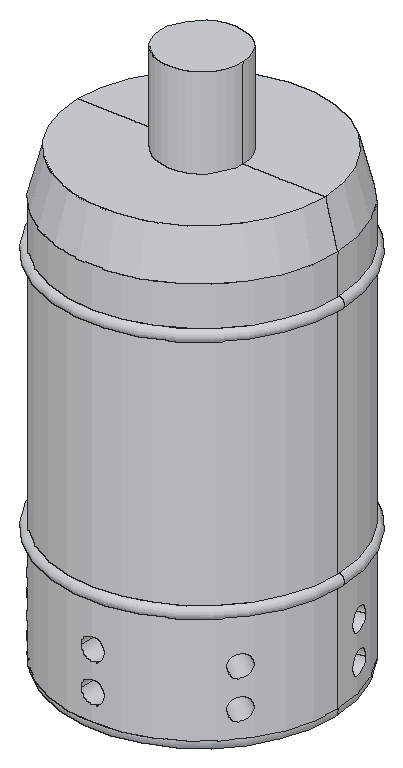
Revit family "13907c2073684a24b04122011ce1fde8", category Mechanical Equipment, Revit 2021
Family settings
  Round Connector Dimension = Use Radius
  Classification = Pump
  Part Type = Normal
  OmniClass Number = 23.60.30.21
  OmniClass Title = Pumps
  Work Plane-Based = No
  Always vertical = Yes
  Cut with Voids When Loaded = No
  Shared = No
  Room Calculation Point = No
Parameters (values of type "40 GPM - 5 Foot Head")
  Voltage [instance] = 115 V
  Symbol Radius = Diameter / 2  # 3 1/8"
  Pump Material = none
  Number of Poles [instance] = 1
  Load Classification = Appliance - Dwelling Unit
  Length 3 = if(Discharge Nominal Diameter < 4", 2", 4")  # 2"
  Length 2 = 0"  # constant formula
  Length 1 = 1"
  Height = 12 1/4"
  Flow [instance] = 40 GPM
  Discharge Nominal Radius = 5/8"
  Discharge Nominal Diameter = Discharge Nominal Radius * 2  # 1 1/4"
  Discharge Body Radius = Discharge Nominal Radius * 1.05 + 1/4"  # 29/32"
  Default Elevation = 0"
  Base Height = Height / 6 + 1/2"  # 2.54167"
  Diameter = 6 1/4"
  Apparent Load [instance] = 0 VA
Reference planes (in)
  plane 1 "Center (Front/Back)": y = 0
  plane 2: z = 0
  plane 3 "Center (Left/Right)": x = 0
  plane 4: z = 12.25
  plane 5: z = 2.54167
  plane 6: x = -3.125
  plane 7: x = 3.125
  plane 8: z = 10.25
  plane 9: z = 2.79167
  plane 10: x = -3
  plane 11: z = 9.25
  plane 12: y = 0
  plane 13: y = 2
  plane 14: z = 1.69444
  plane 15: z = 0.84722
  plane 16: z = 8.25
Forms (in)
  Revolve 1, solid, material <- "Pump Material"
    sketch origin (0, 0, 0) x (1, 0, 0) y (0, 0, 1)
      loop
        line (0, 0) -> (0, 10.25) -> (-2.73205, 10.25) -> (-3, 9.25) -> (-3, 8.375)
        arc (-3, 8.375) -> (-3.125, 8.25) -> (-3, 8.125) r 0.125
        line (-3, 8.125) -> (-3, 2.91667)
        arc (-3, 2.91667) -> (-3.125, 2.79167) -> (-3, 2.66667) r 0.125
        line (-3, 2.66667) -> (-3, 0.25)
        arc (-3, 0.25) -> (-2.92678, 0.07322) -> (-2.75, 0) r 0.25
        line (-2.75, 0) -> (0, 0)
      axis (0, 10.25) -> (0, 0)
    angle from 0 to 360
  Extrusion 2, solid, material <- "Pump Material"
    sketch origin (0, 0, 0) x (1, 0, 0) y (0, 1, 0)
      loop
        circle (0, 0) r 0.90625
    from 10.25 to 12.25
  Extrusion 3, void
    sketch origin (0, 0, 0) x (1, 0, 0) y (0, 0, 1)
      loop
        circle (0, 1.69444) r 0.25
      loop
        circle (0, 0.84722) r 0.25
    from 0.625 <- "Discharge Nominal Radius" to 6.25 <- "Diameter"
  Extrusion 4, void
    sketch origin (0, 0, 0) x (0.62349, -0.781831, 0) y (0, 0, 1)
      loop
        circle (0, 1.69444) r 0.25
      loop
        circle (0, 0.84722) r 0.25
    from 0.625 <- "Discharge Nominal Radius" to 6.25 <- "Diameter"
  Extrusion 5, void
    sketch origin (0, 0, 0) x (0.62349, 0.781831, 0) y (0, 0, 1)
      loop
        circle (0, 1.69444) r 0.25
      loop
        circle (0, 0.84722) r 0.25
    from 0.625 <- "Discharge Nominal Radius" to 6.25 <- "Diameter"
  Extrusion 6, void
    sketch origin (0, 0, 0) x (-0.222521, 0.974928, 0) y (0, 0, 1)
      loop
        circle (0, 1.69444) r 0.25
      loop
        circle (0, 0.84722) r 0.25
    from 0.625 <- "Discharge Nominal Radius" to 6.25 <- "Diameter"
  Extrusion 7, void
    sketch origin (0, 0, 0) x (-0.900969, 0.433884, 0) y (0, 0, 1)
      loop
        circle (0, 1.69444) r 0.25
      loop
        circle (0, 0.84722) r 0.25
    from 0.625 <- "Discharge Nominal Radius" to 6.25 <- "Diameter"
  Extrusion 8, void
    sketch origin (0, 0, 0) x (-0.900969, -0.433884, 0) y (0, 0, 1)
      loop
        circle (0, 1.69444) r 0.25
      loop
        circle (0, 0.84722) r 0.25
    from 0.625 <- "Discharge Nominal Radius" to 6.25 <- "Diameter"
  Extrusion 9, void
    sketch origin (0, 0, 0) x (-0.222521, -0.974928, 0) y (0, 0, 1)
      loop
        circle (0, 1.69444) r 0.25
      loop
        circle (0, 0.84722) r 0.25
    from 0.625 <- "Discharge Nominal Radius" to 6.25 <- "Diameter"
Cuts and joins
  Extrusion 3, Extrusion 4, Extrusion 5, Extrusion 6, Extrusion 7, Extrusion 8, Extrusion 9 cuts Revolve 1
Lines and regions (in)
  Masking region 1, detail levels fine
    outline origin (0, 0, 0) x (1, 0, 0) y (0, 1, 0)
      loop
        circle (0, 0) r 3.125
  symbolic lines, detail levels fine
    curve 1: circle (0, 0, 0) r 0.90625 normal (0, 0, 1)
    curve 2: circle (0, 0, 0) r 0.625 normal (0, 0, 1)
Dimensions and locks (in)
  "Height": plane 4 to level
  "Base Height": plane 5 to level
  equal spacing: plane 7, plane 3 "Center (Left/Right)", plane 6
  "Diameter": plane 7 to plane 6
  locked: plane 9 to plane 5 at 0.25
  "Length 1": plane 8 to plane 11
  "Length 2": plane 1 "Center (Front/Back)" to plane 12
  locked: plane 13 to plane 1 "Center (Front/Back)" at 2
  equal spacing: plane 5, plane 14, plane 15, level
  locked: plane 10 to plane 6 at 0.125
  locked: plane 11 to plane 16 at 1
  "Length 3": plane 4 to plane 8
  "Discharge Body Radius": radius of Extrusion 2 sketch curve
  "Symbol Radius": radius of Masking region 1 sketch curve
  "Discharge Nominal Radius": radius of curve 2
  locked: Revolve 1 sketch curve to Revolve 1 sketch curve (angle 165.00°)
  aligned and locked: Revolve 1 sketch curve to plane 3 "Center (Left/Right)"
  aligned and locked: plane 10 to Revolve 1 sketch curve
  aligned and locked: plane 9 to Revolve 1 sketch curve
  aligned and locked: level to Revolve 1 sketch curve
  aligned and locked: Revolve 1 sketch curve to Revolve 1 sketch curve
  aligned and locked: plane 11 to Revolve 1 sketch curve
  aligned and locked: plane 8 to Revolve 1 sketch curve
  aligned and locked: plane 3 "Center (Left/Right)" to Extrusion 2 sketch curve
  aligned and locked: plane 12 to Extrusion 2 sketch curve
  aligned and locked: Extrusion 2 to plane 8
  aligned and locked: plane 3 "Center (Left/Right)" to Masking region 1 sketch curve
  aligned and locked: plane 1 "Center (Front/Back)" to Masking region 1 sketch curve
  aligned and locked: curve 1 to Extrusion 2
  aligned and locked: plane 3 "Center (Left/Right)" to curve 2
  aligned and locked: plane 12 to curve 2
  aligned and locked: plane 16 to Revolve 1 sketch curve
  aligned and locked: plane 4 to Extrusion 2
  aligned and locked: plane 14 to Extrusion 3 sketch curve
  aligned and locked: plane 15 to Extrusion 3 sketch curve
  aligned and locked: plane 3 "Center (Left/Right)" to Extrusion 3 sketch curve  (x2)
  aligned and locked: plane 14 to Extrusion 4 sketch curve
  aligned and locked: plane 15 to Extrusion 4 sketch curve
  aligned and locked: plane 15 to Extrusion 9 sketch curve
  aligned and locked: plane 14 to Extrusion 9 sketch curve
  aligned and locked: plane 14 to Extrusion 5 sketch curve
  aligned and locked: plane 15 to Extrusion 5 sketch curve
  aligned and locked: plane 14 to Extrusion 6 sketch curve
  aligned and locked: plane 15 to Extrusion 6 sketch curve
  aligned and locked: plane 14 to Extrusion 7 sketch curve
  aligned and locked: plane 15 to Extrusion 7 sketch curve
  aligned and locked: plane 14 to Extrusion 8 sketch curve
  aligned and locked: plane 15 to Extrusion 8 sketch curve
Automatic sketch dimensions
  Extrusion 4 sketch curve to Extrusion 4 sketch curve = 0"
  Extrusion 5 sketch curve to Extrusion 5 sketch curve = 0"
  Extrusion 6 sketch curve to Extrusion 6 sketch curve = 0"
  Extrusion 7 sketch curve to Extrusion 7 sketch curve = 0"
  Extrusion 8 sketch curve to Extrusion 8 sketch curve = 0"
  Extrusion 9 sketch curve to Extrusion 9 sketch curve = 0"
  Revolve 1 sketch curve to Revolve 1 sketch curve = 1/4"
  Revolve 1 sketch curve to Revolve 1 sketch curve = 1/8"
  Revolve 1 sketch curve to plane 16 = 1/8"
  Revolve 1 sketch curve to level = 4.14975"
  plane 4 to Revolve 1 sketch curve = 6.60025"
  radius of Extrusion 3 sketch curve = 1/4"  (x2)
  radius of Extrusion 4 sketch curve = 1/4"  (x2)
  radius of Extrusion 5 sketch curve = 1/4"  (x2)
  radius of Extrusion 6 sketch curve = 1/4"  (x2)
  radius of Extrusion 7 sketch curve = 1/4"  (x2)
  radius of Extrusion 8 sketch curve = 1/4"  (x2)
  radius of Extrusion 9 sketch curve = 1/4"  (x2)
Nested families (in)
  nested 1: "Pump Symbol" at (0, 0, 11.75), Symbol Radius <- "Symbol Radius", type "Pump Symbol", detail levels coarse+medium
    with Symbol Radius 3 1/8", Symbol Length 2 2.70633", Symbol Length 1 1 9/16"
Connectors (in)
  piping at (0, 0, 12.25), diameter 1.25, driven by "Flow", driven by "Discharge Nominal Radius"
    settings: on Extrusion 2, index 1, connector inside diameter 24", connector length 0", flow factor 0, pipe flow 40 GPM, pressure drop 0.00 psi, fitting loss kfactor 0, connector angle 0.00°, fixture units 0, engagement length 0", angle of deflection 0.00°, flow configuration 1, flow direction 2, fitting loss method 0, system type 16, joint type 0, gender type 0, connector reference index -1, connector utility 0, adjustable connector no, is connector primary yes, connector description "Water Out"
  electrical at (0, 0, 10.25), driven by "Number of Poles", driven by "Load Classification", driven by "Voltage", driven by "Apparent Load"
    settings: on cut or joined group of Revolve 1, Extrusion 3, Extrusion 4, Extrusion 5, Extrusion 6, Extrusion 7, Extrusion 8, Extrusion 9, index 2, voltage 115 V, apparent load 0 VA, apparent load phase1 0 VA, apparent load phase2 0 VA, apparent load phase3 0 VA, power factor 0.8, load classification "Appliance - Dwelling Unit", number of poles 1, system type 30, power factor state 1, is connector primary yes, connector utility no, sub classification motor no, connector description "Power"
Definition of nested family "Pump Symbol"
  Parameters (values of type "Pump Symbol")
    Symbol Radius [instance] = 24"
    Symbol Length 2 [instance] = cos(30.00°) * Symbol Radius  # 20.78461"
    Symbol Length 1 [instance] = sin(30.00°) * Symbol Radius  # 12"
  Reference planes (in)
    plane 1 "Center (Front/Back)": y = 0
    plane 2: z = 0
    plane 3 "Center (Left/Right)": x = 0
    plane 4: y = 12
    plane 5: y = -24
    plane 6: x = -20.78461
    plane 7: x = 20.78461
  Lines and regions (in)
    Filled region 1, type "Concrete Block", in view "Ref. Level"
      outline origin (0, 0, 0) x (1, 0, 0) y (0, 1, 0)
        loop
          line (-20.78461, 12) -> (0, -24) -> (20.78461, 12) -> (-20.78461, 12)
    detail lines, in view "Ref. Level"
      curve 1: circle (0, 0, 0) r 24 normal (0, 0, 1)
  Dimensions and locks (in)
    "Symbol Radius": plane 1 "Center (Front/Back)" to plane 5
    "Symbol Length 1": plane 4 to plane 1 "Center (Front/Back)"
    "Symbol Length 2": plane 6 to plane 3 "Center (Left/Right)"
    "Symbol Length 2": plane 3 "Center (Left/Right)" to plane 7
    "Symbol Radius": radius of curve 1
    aligned and locked: plane 3 "Center (Left/Right)" to curve 1
    aligned and locked: plane 1 "Center (Front/Back)" to curve 1
  Automatic sketch dimensions
    Filled region 1 sketch curve to plane 4 = 0"
    Filled region 1 sketch curve to plane 6 = 0"
    Filled region 1 sketch curve to plane 3 "Center (Left/Right)" = 0"
    Filled region 1 sketch curve to plane 7 = 0"
    Filled region 1 sketch curve to plane 5 = 0"
